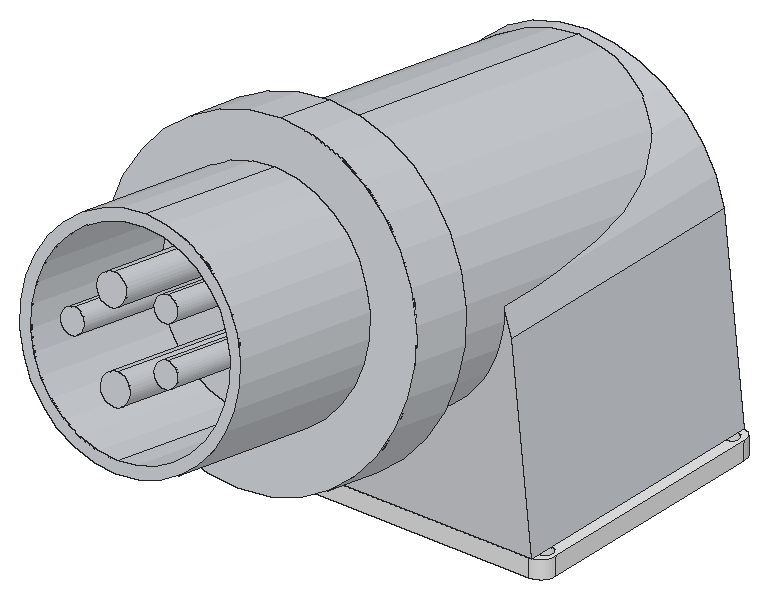
Revit family "Building-ConnessioniIEC309-GEWISS-IEC309HP-SPINE_FISSE_PAR_90°_CABL_INDIRETTO_63A_IP67", category Apparecchi elettrici, host Superficie, Revit 2019
Family settings
  Host = Superficie
  Mantenere orientamento annotazione = Sì
  Quota connettore circolare = Usa diametro
  Tipo di parte = Normale
  Taglio con vuoti quando caricato = No
  Condiviso = Sì
  Punto di calcolo locali = Sì
Parameters (values of type "GW61455 - SPINA 90°PAR.STAG.3P+N+T 63A 500V 7H")
  simbolo acceso [instance] = yes
  distanza_simbolo [instance] = 1 mm
  distanza dal piano [instance] = 0 mm
  W = 115 mm  # constant formula
  Versione file RFA = "21.11"
  URL = "https://www.gewiss.com/it/it"
  Tipologia = "Spina fissa da parete 90°"
  Tipo Cablaggio = "A mantello"
  Termopressione con biglia = "125 °C (Parti attive) - 80 °C (Parti passive)"
  Tensione nominale = "480-500V"
  Temperatura di utilizzo = "-25 +55 °C"
  Spostamento_effettivo_S [instance] = 4000 mm - Spostamento_S  # 3057.5 mm
  Spostamento_S = 942.5 mm
  Scheda Tecnica = "https://www.gewiss.com/it/it/search?q=GW61455"
  SPinotto = Default(2)
  SEO = "Spina"
  Riferimento h = "7"
  Resistenza di isolamento = "- 10 M?"
  Resistenza agli urti = "IK08"
  Default Elevation = 1219.2 mm
  Produttore = "GEWISS S.p.A."
  Potere d'interruzione a 1,1 Un = "79A"
  Piastra = Default(2)
  N. poli = "3P+N+T"
  N. Manovre complessive = "-2000"
  Modello = "GW61455"
  L = 155 mm  # constant formula
  Immagine tipo = (empty or 0)
  IDT = "82a7ef3b10a7427b96b9453f1507b938"
  IDF = "310acff8-1002-412d-af76-484063e079e0"
  Grado di protezione = "IP67"
  Glow wire test: = "850 °C (Parti attive) - 650 °C (Parti passive)"
  Frequenza = "50/60 Hz"
  FORMULA = 1000 mm * 1  # 1000 mm
  Descrizione = "SPINA 90°PAR.STAG.3P+N+T 63A 500V 7H"
  Creato da GEWISS S.p.A. = ""
  Corrente nominale (A) = "63"
  Corpo centrale = Default(2)
  Colore: = "Nero"
  Codice Electrocod = "2231"
  Catalogo = "BUILDING"
  CapacitÃ  serraggio morsetti = "6-16 mm² cavi flessibili - 6-25 mm² cavi rigidi"
  COBie.Tagnumber = ""
  COBie.CreatedOn = ""
  COBie.CreatebBy = ""
  COBie.ComponentRegisterItemID = ""
  COBie.Component.TagNumber = ""
  COBie.Component.Space = ""
  COBie.Component.SerialNumber = ""
  COBie.Component.InstallationDate = ""
  COBie.Component.Description = ""
  COBie.Component.BarCode = ""
  BLOCCO = "B=C"
Types (11, lengths in mm): name | Tensione nominale | Scheda Tecnica | Riferimento h | N. poli | Modello | IDT | Descrizione | Colore:
  GW61445 - SPINA 90°PAR.STAG.2P+T 63A 110V 4H | "100-130V" | "https://www.gewiss.com/it/it/search?q=GW61445" | "4" | "2P+T" | "GW61445" | "a32419d427d74ea59914987959486f33" | "SPINA 90°PAR.STAG.2P+T 63A 110V 4H" | "Giallo"
  GW61446 - SPINA 90°PAR.STAG.3P+T 63A 110V 4H | "100-130V" | "https://www.gewiss.com/it/it/search?q=GW61446" | "4" | "3P+T" | "GW61446" | "0e70241245704f0faf1d840d513a218f" | "SPINA 90°PAR.STAG.3P+T 63A 110V 4H" | "Giallo"
  GW61447 - SPINA 90°PAR.STAG.3P+N+T 63A 110V 4H | "100-130V" | "https://www.gewiss.com/it/it/search?q=GW61447" | "4" | "3P+N+T" | "GW61447" | "fe109d717f164e58bbf2dbfa58eb0c37" | "SPINA 90°PAR.STAG.3P+N+T 63A 110V 4H" | "Giallo"
  GW61448 - SPINA 90°PAR.STAG.2P+T 63A 230V 6H | "200-250V" | "https://www.gewiss.com/it/it/search?q=GW61448" | "6" | "2P+T" | "GW61448" | "ec7513ade6b14add9aaa22802ebe7912" | "SPINA 90°PAR.STAG.2P+T 63A 230V 6H" | "Blu"
  GW61449 - SPINA 90°PAR.STAG.3P+T 63A 230V 9H | "200-250V" | "https://www.gewiss.com/it/it/search?q=GW61449" | "9" | "3P+T" | "GW61449" | "1bb27abc26304ebcab362531026dcb99" | "SPINA 90°PAR.STAG.3P+T 63A 230V 9H" | "Blu"
  GW61450 - SPINA 90°PAR.STAG.3P+N+T 63A 230V 9H | "200-250V" | "https://www.gewiss.com/it/it/search?q=GW61450" | "9" | "3P+N+T" | "GW61450" | "85766c2eda3c488890f4e38cea2844cf" | "SPINA 90°PAR.STAG.3P+N+T 63A 230V 9H" | "Blu"
  GW61451 - SPINA 90°PAR.STAG.2P+T 63A 400V 9H | "380-415V" | "https://www.gewiss.com/it/it/search?q=GW61451" | "9" | "2P+T" | "GW61451" | "b63088d1a14b4084b5365b728a9d6180" | "SPINA 90°PAR.STAG.2P+T 63A 400V 9H" | "Rosso"
  GW61452 - SPINA 90°PAR.STAG.3P+T 63A 400V 6H | "380-415V" | "https://www.gewiss.com/it/it/search?q=GW61452" | "6" | "3P+T" | "GW61452" | "b016deb701214e3985ad608285c310c7" | "SPINA 90°PAR.STAG.3P+T 63A 400V 6H" | "Rosso"
  GW61453 - SPINA 90°PAR.STAG.3P+N+T 63A 400V 6H | "380-415V" | "https://www.gewiss.com/it/it/search?q=GW61453" | "6" | "3P+N+T" | "GW61453" | "8f4b8114e79e49cfb710c66f71080669" | "SPINA 90°PAR.STAG.3P+N+T 63A 400V 6H" | "Rosso"
  GW61454 - SPINA 90°PAR.STAG.3P+T 63A 500V 7H | "480-500V" | "https://www.gewiss.com/it/it/search?q=GW61454" | "7" | "3P+T" | "GW61454" | "105eb81afd3a44a6a8c106b9b659b229" | "SPINA 90°PAR.STAG.3P+T 63A 500V 7H" | "Nero"
  GW61455 - SPINA 90°PAR.STAG.3P+N+T 63A 500V 7H | "480-500V" | "https://www.gewiss.com/it/it/search?q=GW61455" | "7" | "3P+N+T" | "GW61455" | "82a7ef3b10a7427b96b9453f1507b938" | "SPINA 90°PAR.STAG.3P+N+T 63A 500V 7H" | "Nero"
Reference planes
  plane 1 "Centro (Fronte/Retro)": y = 0
  plane 2: z = 0
  plane 3 "Centro (Sinistra/Destra)": x = 0
  plane 4: x = -3000
  plane 5: x = 57.5
  plane 6: z = 0
Dimensions and locks
  plane 4 to plane 3 "Centro (Sinistra/Destra)" = 3000 mm
  "Spostamento_effettivo_S": plane 4 to plane 5
  "distanza dal piano": plane 6 to plane 2
  aligned and locked: plane 2 to host face
  aligned and locked: level to host face
  aligned and locked: plane 3 "Centro (Sinistra/Destra)" to nested 1
  aligned and locked: plane 1 "Centro (Fronte/Retro)" to nested 1
  aligned and locked: nested 2 to plane 5
Automatic sketch dimensions
  host sketch curve to host sketch curve = 2438.4 mm  (x2)
Nested families
  nested 1: "IEC309 SPINE FISSE PARETE 90° 63A IP67_base" at (0, 0, 0), type "IEC309 SPINE FISSE PARETE 90° 63A IP67_base"
  nested 2: "simbolo_circuito_GW60201" at (57.5, 171.559, 0), visible <- "simbolo acceso", Distanza dal muro <- "distanza_simbolo", type "3P"
    with SIMBOLO ACCESO yes, Distanza dal muro 1 mm
Connectors
  electrical at (37.5, 30, 0)
    settings: on nested 1, index 1, voltage 0 V, apparent load 0 VA, apparent load phase1 0 VA, apparent load phase2 0 VA, apparent load phase3 0 VA, power factor 1, load classification "Altro", number of poles 1, system type 31, power factor state 1, is connector primary yes, connector utility no, sub classification motor no, connector description ""
Definition of nested family "IEC309 SPINE FISSE PARETE 90° 63A IP67_base"
  Parameters (values of type "IEC309 SPINE FISSE PARETE 90° 63A IP67_base")
    sp_ghiera = 16 mm
    h = 90 mm
    dis_base = 71 mm
    Spinotto = none
    PIASTRA = none
    Lunghezza totale = 140 mm
    CENTRALE = none
    Bsae = 115 mm
  Reference planes
    plane 1 "Centro (Fronte/Retro)": y = 0
    plane 2: z = 0
    plane 3 "Centro (Sinistra/Destra)": x = 0
    plane 4 "EEE": through (4267.2, -291.041, 143.375) normal (0, -0.788, -0.6157)
    plane 5: x = 48
    plane 6: x = 115
    plane 7: y = 90
    plane 8: z = 6
    plane 9: y = 84.607
    plane 10: y = 5.392
    plane 11: x = 57.5
    plane 12: y = 45
    plane 13: through (4267.2, -43.825, 42.63) normal (0, 0.1727, 0.985)
    plane 14: x = 4.026
    plane 15: x = 110.974
    plane 16: z = 108.719
    plane 17 "zx": through (4267.2, -97.102, 134.757) normal (0, 0.1727, 0.985)
  Forms (mm)
    Extrusion 1, solid, material <- "PIASTRA"
      sketch origin (0, 0, 0) x (1, 0, 0) y (0, 1, 0)
        loop
          arc (5, 90) -> (1.464, 88.536) -> (0, 85) r 5
          line (0, 85) -> (0, 5)
          arc (0, 5) -> (1.464, 1.464) -> (5, 0) r 5
          line (5, 0) -> (110, 0)
          arc (110, 0) -> (113.536, 1.464) -> (115, 5) r 5
          line (115, 5) -> (115, 85)
          arc (115, 85) -> (113.536, 88.536) -> (110, 90) r 5
          line (110, 90) -> (5, 90)
      from 0 to 6
    Extrusion 2, void
      sketch origin (0, 0, 0) x (1, 0, 0) y (0, 1, 0)
        loop
          circle (4.026, 84.607) r 2.665
        loop
          circle (110.974, 84.607) r 2.602
        loop
          circle (110.974, 5.392) r 2.692
        loop
          circle (4.026, 5.392) r 2.603
      from 0 to 6
    Extrusion 3, solid
      sketch origin (0, 0, 0) x (1, 0, 0) y (0, 0, 1)
        loop
          line (4.026, 6) -> (110.974, 6) -> (104.18, 70.644)
          arc (104.18, 70.644) -> (57.5, 108.788) -> (10.82, 70.644) r 47.635
          line (10.82, 70.644) -> (4.026, 6)
      from -90 to 0
    Sweep 4, solid
      path origin (0, 0, 3.75) x (0, 1, 0) y (0, 0, 1)
        loop
          line (-28.85, 80.621) -> (79.498, 61.629)
      profile origin (0, 25.324, 74.875) x (0, 0.17265, 0.984983) y (1, 0, 0)
        loop
          circle (0, 57.5) r 44
    Sweep 5, solid
      path origin (0, 0, 0) x (0, 1, 0) y (0, 0, 1)
        loop
          line (-103.524, 98.116) -> (-48.98, 88.555)
      profile origin (0, -76.252, 93.336) x (0, 0.17265, 0.984983) y (1, 0, 0)
        loop
          circle (0, 57.5) r 37.2
        loop
          circle (0, 57.5) r 33.569
    Sweep 6, solid
      path origin (57.5, 0, -2.008) x (0, 1, 0) y (0, 0, 1)
        loop
          line (-48.98, 88.555) -> (-28.101, 84.896)
      profile origin (57.5, -38.54, 84.718) x (0, 0.17265, 0.984983) y (1, 0, 0)
        loop
          circle (0, 0) r 53
    Sweep 7, solid
      path origin (0, 0, -2.5) x (0, 1, 0) y (0, 0, 1)
        loop
          line (-103.677, 85.088) -> (-51.57, 75.955)
      profile origin (0, -77.624, 78.022) x (0, 0.17265, 0.984983) y (1, 0, 0)
        loop
          circle (0, 52.5) r 5
    Sweep 8, solid
      path origin (37.943, 0, 13.118) x (0, 1, 0) y (0, 0, -1)
        loop
          line (-103.677, -85.088) -> (-51.57, -75.955)
      profile origin (37.943, -77.624, 93.639) x (0, -0.17265, -0.984983) y (-1, 0, 0)
        loop
          circle (0, 0) r 4
    Sweep 9, solid
      path origin (0, 0, 27.5) x (0, 1, 0) y (0, 0, 1)
        loop
          line (-103.677, 85.088) -> (-51.57, 75.955)
      profile origin (0, -77.624, 108.022) x (0, 0.17265, 0.984983) y (1, 0, 0)
        loop
          circle (0, 51.25) r 5
    Sweep 10, solid
      path origin (69.664, 0, 27.909) x (0, 1, 0) y (0, 0, -1)
        loop
          line (-103.677, -85.088) -> (-51.57, -75.955)
      profile origin (69.664, -77.624, 108.431) x (0, -0.17265, -0.984983) y (-1, 0, 0)
        loop
          circle (0, 0) r 4
    Sweep 11, solid
      path origin (69.664, 0, 7.909) x (0, 1, 0) y (0, 0, -1)
        loop
          line (-103.677, -85.088) -> (-51.57, -75.955)
      profile origin (69.664, -77.624, 88.431) x (0, -0.17265, -0.984983) y (-1, 0, 0)
        loop
          circle (0, 0) r 4
  Cuts and joins
    Extrusion 2 cuts Extrusion 1
    joined: Extrusion 3, Sweep 4
    joined: Sweep 5, Sweep 6
  Lines and regions (mm)
    symbolic lines
      curve 1: line (305.256, 350.85, 0) -> (317.43, 350.85, 0)
      curve 2: line (0, -27.731, 87.005) -> (0, 10.147, 80.366)
  Dimensions and locks
    "Bsae": plane 3 "Centro (Sinistra/Destra)" to plane 6
    "h": plane 1 "Centro (Fronte/Retro)" to plane 7
    plane 8 to level = 6 mm
    locked: plane 1 "Centro (Fronte/Retro)" to plane 10 at 5.392
    equal spacing: plane 3 "Centro (Sinistra/Destra)", plane 11, plane 6
    locked: plane 7 to plane 9 at 5.393
    equal spacing: plane 1 "Centro (Fronte/Retro)", plane 12, plane 7
    locked: plane 8 to plane 2 at 6
    locked: plane 3 "Centro (Sinistra/Destra)" to plane 14 at 4.026
    locked: plane 15 to plane 6 at 4.026
    radius of Extrusion 1 sketch curve = 5 mm  (x4)
    aligned and locked: level to plane 2
    aligned and locked: Extrusion 1 to level
    aligned and locked: plane 8 to Extrusion 1
    aligned and locked: Extrusion 2 to level
    aligned and locked: plane 8 to Extrusion 2
    aligned and locked: plane 14 to Extrusion 2 sketch curve  (x2)
    aligned and locked: Extrusion 2 sketch curve to plane 15
    aligned and locked: plane 15 to Extrusion 2 sketch curve
    aligned and locked: plane 7 to Extrusion 3
  Automatic sketch dimensions
    plane 1 "Centro (Fronte/Retro)" to curve 2 = 27.731 mm
    plane 10 to curve 2 = 4.755 mm
    plane 16 to curve 2 = 28.353 mm
    plane 16 to curve 2 = 21.714 mm
    curve 1 to plane 6 = 190.256 mm
    plane 7 to curve 1 = 260.85 mm
    curve 1 to curve 1 = 12.174 mm
    Extrusion 1 sketch curve to plane 3 "Centro (Sinistra/Destra)" = 0 mm
    Extrusion 1 sketch curve to plane 7 = 0 mm
    plane 1 "Centro (Fronte/Retro)" to Extrusion 1 sketch curve = 0 mm
    Extrusion 1 sketch curve to plane 6 = 0 mm
    plane 10 to Extrusion 2 sketch curve = 0 mm
    Extrusion 2 sketch curve to plane 10 = 0 mm
    plane 9 to Extrusion 2 sketch curve = 0 mm
    Extrusion 2 sketch curve to plane 9 = 0 mm
    Extrusion 3 sketch curve to plane 8 = 0 mm
    Extrusion 3 sketch curve to plane 14 = 0 mm
    Extrusion 3 sketch curve to plane 11 = 0 mm
    plane 15 to Extrusion 3 sketch curve = 0 mm
    plane 14 to Extrusion 3 sketch curve = 6.794 mm
    plane 15 to Extrusion 3 sketch curve = 6.794 mm
    plane 16 to Extrusion 3 sketch curve = 47.565 mm
    plane 16 to Extrusion 3 sketch curve = 38.075 mm
    plane 1 "Centro (Fronte/Retro)" to Sweep 4 sketch curve = 28.85 mm
    Sweep 4 sketch curve to plane 9 = 5.109 mm
    plane 16 to Sweep 4 sketch curve = 43.339 mm
    plane 16 to Sweep 4 sketch curve = 24.348 mm
    Sweep 4 sketch curve to profile plane = 0 mm
    plane 3 "Centro (Sinistra/Destra)" to Sweep 4 sketch curve = 57.5 mm
    plane 16 to Sweep 5 sketch curve = 10.603 mm
    plane 1 "Centro (Fronte/Retro)" to Sweep 5 sketch curve = 103.524 mm
    plane 16 to Sweep 5 sketch curve = 20.163 mm
    plane 1 "Centro (Fronte/Retro)" to Sweep 5 sketch curve = 48.98 mm
    Sweep 5 sketch curve to Sweep 5 sketch curve = 0 mm  (x2)
    Sweep 5 sketch curve to profile plane = 0 mm
    plane 3 "Centro (Sinistra/Destra)" to Sweep 5 sketch curve = 57.5 mm
    plane 16 to Sweep 6 sketch curve = 22.171 mm
    plane 1 "Centro (Fronte/Retro)" to Sweep 6 sketch curve = 48.98 mm
    Sweep 6 sketch curve to Sweep 6 sketch curve = 20.879 mm
    Sweep 6 sketch curve to Sweep 6 sketch curve = 3.66 mm
    Sweep 6 sketch curve to profile plane = 0 mm  (x2)
    plane 16 to Sweep 7 sketch curve = 26.13 mm
    plane 1 "Centro (Fronte/Retro)" to Sweep 7 sketch curve = 103.677 mm
    plane 1 "Centro (Fronte/Retro)" to Sweep 7 sketch curve = 51.57 mm
    plane 16 to Sweep 7 sketch curve = 35.264 mm
    Sweep 7 sketch curve to profile plane = 0 mm
    plane 3 "Centro (Sinistra/Destra)" to Sweep 7 sketch curve = 52.5 mm
    plane 16 to Sweep 8 sketch curve = 10.513 mm
    plane 1 "Centro (Fronte/Retro)" to Sweep 8 sketch curve = 103.677 mm
    plane 16 to Sweep 8 sketch curve = 19.646 mm
    plane 1 "Centro (Fronte/Retro)" to Sweep 8 sketch curve = 51.57 mm
    profile plane to Sweep 8 sketch curve = 0 mm
    Sweep 8 sketch curve to profile plane = 0 mm
    Sweep 9 sketch curve to plane 16 = 3.87 mm
    plane 1 "Centro (Fronte/Retro)" to Sweep 9 sketch curve = 103.677 mm
    plane 16 to Sweep 9 sketch curve = 5.264 mm
    plane 1 "Centro (Fronte/Retro)" to Sweep 9 sketch curve = 51.57 mm
    Sweep 9 sketch curve to profile plane = 0 mm
    plane 3 "Centro (Sinistra/Destra)" to Sweep 9 sketch curve = 51.25 mm
    Sweep 10 sketch curve to plane 16 = 4.279 mm
    plane 1 "Centro (Fronte/Retro)" to Sweep 10 sketch curve = 103.677 mm
    plane 16 to Sweep 10 sketch curve = 4.855 mm
    plane 1 "Centro (Fronte/Retro)" to Sweep 10 sketch curve = 51.57 mm
    profile plane to Sweep 10 sketch curve = 0 mm
    Sweep 10 sketch curve to profile plane = 0 mm
    plane 16 to Sweep 11 sketch curve = 15.721 mm
    plane 1 "Centro (Fronte/Retro)" to Sweep 11 sketch curve = 103.677 mm
    plane 16 to Sweep 11 sketch curve = 24.855 mm
    plane 1 "Centro (Fronte/Retro)" to Sweep 11 sketch curve = 51.57 mm
    profile plane to Sweep 11 sketch curve = 0 mm
    Sweep 11 sketch curve to profile plane = 0 mm
    radius of Extrusion 2 sketch curve = 2.665 mm
    radius of Extrusion 2 sketch curve = 2.602 mm
    radius of Extrusion 2 sketch curve = 2.692 mm
    radius of Extrusion 2 sketch curve = 2.603 mm
    radius of Sweep 4 sketch curve = 44 mm
    radius of Sweep 5 sketch curve = 37.2 mm
    radius of Sweep 5 sketch curve = 33.569 mm
    radius of Sweep 6 sketch curve = 53 mm
    radius of Sweep 7 sketch curve = 5 mm
    radius of Sweep 8 sketch curve = 4 mm
    radius of Sweep 9 sketch curve = 5 mm
    radius of Sweep 10 sketch curve = 4 mm
    radius of Sweep 11 sketch curve = 4 mm
Definition of nested family "simbolo_circuito_GW60201"
  Parameters (values of type "3P")
    SIMBOLO ACCESO [instance] = yes
    Distanza dal muro [instance] = 0 mm
  Reference planes
    plane 1: y = 0
    plane 2: x = 0
  Dimensions and locks
    "Distanza dal muro": plane 1 to nested 1
    aligned and locked: plane 2 to nested 1
  Nested families
    nested 1: "simbolo_circuito_GW60201_base" at (0, 0, 0), visible <- "SIMBOLO ACCESO", type "3P"
      with CORNICE SIMBOLO yes
  Definition of nested family "simbolo_circuito_GW60201_base"
    Parameters (values of type "3P")
      CORNICE SIMBOLO [instance] = yes
      3P = yes
    Types (2, lengths in mm): name | 3P
      3P | yes
      2P | no
    Reference planes
      plane 1: y = 0
      plane 2: x = 0
    Lines and regions (mm)
      detail lines
        curve 1: arc (0.298, 0.46, 0) -> (0, 0.758, 0) -> (-0.298, 0.46, 0) r 0.298
        curve 2: arc (0.139, 0.652, 0) -> (0, 0.731, 0) -> (-0.139, 0.652, 0) r 0.163
        curve 3: arc (-0.139, 0.106, 0) -> (0, 0.027, 0) -> (0.139, 0.106, 0) r 0.163
        curve 4: circle (0, 2.381, 0) r 0.05 normal (0, 0, 1)
        curve 5: line (0, 3.386, 0) -> (0, 0.758, 0)
        curve 6: line (-0.139, 0.652, 0) -> (-0.139, 0.106, 0)
        curve 7: line (0.139, 0.652, 0) -> (0.139, 0.106, 0)
      detail lines, not visible
        curve 8: arc (2.679, 0.46, 0) -> (2.381, 0.758, 0) -> (2.083, 0.46, 0) r 0.298
        curve 9: arc (2.52, 0.652, 0) -> (2.381, 0.731, 0) -> (2.241, 0.652, 0) r 0.163
        curve 10: arc (2.241, 0.106, 0) -> (2.381, 0.027, 0) -> (2.52, 0.106, 0) r 0.163
        curve 11: circle (2.381, 2.381, 0) r 0.05 normal (0, 0, 1)
        curve 12: line (2.381, 3.386, 0) -> (2.381, 0.758, 0)
        curve 13: line (2.241, 0.652, 0) -> (2.241, 0.106, 0)
        curve 14: line (2.52, 0.652, 0) -> (2.52, 0.106, 0)
